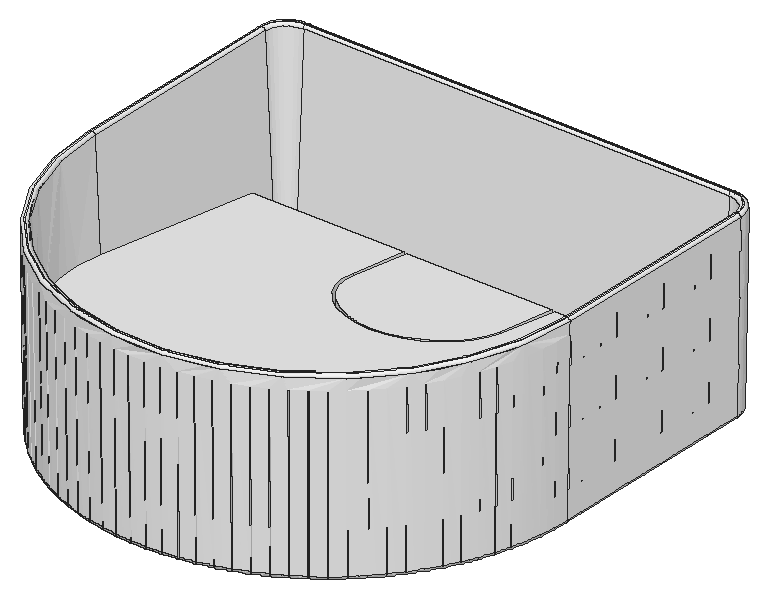
Revit family "Reece_Basin_LAUFEN_Sonar_Above Counter Basin_340 mm_Textured", category Plumbing Fixtures, host Face, Revit 2018 (continued)
Automatic sketch dimensions
  Extrusion 93 sketch curve to Extrusion 93 sketch curve = 0.8 mm
  Extrusion 93 sketch curve to Extrusion 93 sketch curve = 6.18 mm
  Extrusion 94 sketch curve to Extrusion 94 sketch curve = 0.8 mm
  Extrusion 94 sketch curve to Extrusion 94 sketch curve = 6.18 mm
  Extrusion 95 sketch curve to Extrusion 95 sketch curve = 0.8 mm
  Extrusion 95 sketch curve to Extrusion 95 sketch curve = 6.18 mm
  Extrusion 96 sketch curve to Extrusion 96 sketch curve = 0.8 mm
  Extrusion 96 sketch curve to Extrusion 96 sketch curve = 6.18 mm
  Extrusion 97 sketch curve to Extrusion 97 sketch curve = 0.8 mm
  Extrusion 97 sketch curve to Extrusion 97 sketch curve = 6.18 mm
  Extrusion 98 sketch curve to Extrusion 98 sketch curve = 0.8 mm
  Extrusion 98 sketch curve to Extrusion 98 sketch curve = 6.18 mm
  Extrusion 99 sketch curve to Extrusion 99 sketch curve = 0.8 mm
  Extrusion 99 sketch curve to Extrusion 99 sketch curve = 6.18 mm
  Extrusion 100 sketch curve to Extrusion 100 sketch curve = 0.8 mm
  Extrusion 100 sketch curve to Extrusion 100 sketch curve = 6.18 mm
  Extrusion 101 sketch curve to Extrusion 101 sketch curve = 0.8 mm
  Extrusion 101 sketch curve to Extrusion 101 sketch curve = 6.18 mm
  Extrusion 102 sketch curve to Extrusion 102 sketch curve = 0.8 mm
  Extrusion 102 sketch curve to Extrusion 102 sketch curve = 6.18 mm
  Extrusion 103 sketch curve to Extrusion 103 sketch curve = 0.8 mm
  Extrusion 103 sketch curve to Extrusion 103 sketch curve = 6.18 mm
  Extrusion 104 sketch curve to Extrusion 104 sketch curve = 0.8 mm
  Extrusion 104 sketch curve to Extrusion 104 sketch curve = 6.18 mm
  Extrusion 105 sketch curve to Extrusion 105 sketch curve = 0.8 mm
  Extrusion 105 sketch curve to Extrusion 105 sketch curve = 6.18 mm
  Sweep 14 sketch curve to profile plane = 0 mm
  profile plane to Sweep 14 sketch curve = 0 mm
  profile plane to Sweep 14 sketch curve = 2 mm
  profile plane to Sweep 14 sketch curve = 2.199 mm
  Sweep 14 sketch curve to Sweep 14 sketch curve = 0.886 mm
  Sweep 14 sketch curve to Sweep 14 sketch curve = 2 mm
  Sweep 14 sketch curve to Sweep 14 sketch curve = 1.997 mm
  profile plane to Sweep 14 sketch curve = 15.816 mm
  Sweep 14 sketch curve to Sweep 14 sketch curve = 1.819 mm
  profile plane to Sweep 14 sketch curve = 1.965 mm
  Sweep 14 sketch curve to Sweep 14 sketch curve = 10 mm
  Sweep 14 sketch curve to Sweep 14 sketch curve = 5 mm
  Sweep 14 sketch curve to Sweep 14 sketch curve = 112.965 mm
  Sweep 14 sketch curve to Sweep 14 sketch curve = 0.035 mm
  Sweep 14 sketch curve to Sweep 14 sketch curve = 0 mm
  Sweep 14 sketch curve to Sweep 14 sketch curve = 4.993 mm
  radius of Extrusion 2 sketch curve = 23.022 mm
  radius of Extrusion 2 sketch curve = 20.5 mm
  radius of Extrusion 2 sketch curve = 32.846 mm
Connectors
  piping at (0, 1.608, -10), diameter 40, driven by "Reece_Waste_Outlet"
    settings: on cut or joined group of Extrusion 1, Extrusion 3, Revolve 4, Revolve 5, Extrusion 6, Extrusion 7, Extrusion 8, Extrusion 9, Extrusion 10, Extrusion 11, Extrusion 12, Sweep 14, Extrusion 15, Extrusion 16, Extrusion 17, Extrusion 18, Extrusion 19, Extrusion 20, Extrusion 21, Extrusion 22, Extrusion 23, Extrusion 24, Extrusion 25, Extrusion 26, Extrusion 27, Extrusion 28, Extrusion 29, Extrusion 30, Extrusion 31, Extrusion 32, Extrusion 33, Extrusion 34, Extrusion 35, Extrusion 36, Extrusion 37, Extrusion 38, Extrusion 39, Extrusion 40, Extrusion 41, Extrusion 42, Extrusion 43, Extrusion 44, Extrusion 45, Extrusion 46, Extrusion 47, Extrusion 48, Extrusion 49, Extrusion 50, Extrusion 51, Extrusion 52, Extrusion 53, Extrusion 54, Extrusion 55, Extrusion 56, Extrusion 57, Extrusion 58, Extrusion 59, Extrusion 60, Extrusion 61, Extrusion 62, Extrusion 63, Extrusion 64, Extrusion 65, Extrusion 66, Extrusion 67, Extrusion 68, Extrusion 69, Extrusion 70, Extrusion 71, Extrusion 72, Extrusion 73, Extrusion 74, Extrusion 75, Extrusion 76, Extrusion 77, Extrusion 78, Extrusion 79, Extrusion 80, Extrusion 81, Extrusion 82, Extrusion 83, Extrusion 84, Extrusion 85, Extrusion 86, Extrusion 87, Extrusion 88, Extrusion 89, Extrusion 90, Extrusion 91, Extrusion 92, Extrusion 93, Extrusion 94, Extrusion 95, Extrusion 96, Extrusion 97, Extrusion 98, Extrusion 99, Extrusion 100, Extrusion 101, Extrusion 102, Extrusion 103, Extrusion 104, Extrusion 105, index 1, connector inside diameter 609.6 mm, connector length 0 mm, flow factor 0, pipe flow 0.0 L/s, pressure drop 0.0 Pa, fitting loss kfactor 0, connector angle 0.00°, fixture units 0, engagement length 0 mm, angle of deflection 0.00°, flow configuration 0, flow direction 2, fitting loss method 0, system type 16, joint type 0, gender type 0, connector reference index -1, connector utility 0, adjustable connector no, is connector primary yes, connector description ""
Types (2, lengths in mm): name | Keynote
  (no name) | "Product #9509855, Reece_Basin_LAUFEN_Sonar_Above Counter Basin_340 mm_Textured -  "
  No Taphole_SaphirKeramik_White | "Product #9509855, Reece_Basin_LAUFEN_Sonar_Above Counter Basin_340 mm_Textured - No Taphole_SaphirKeramik_White"
